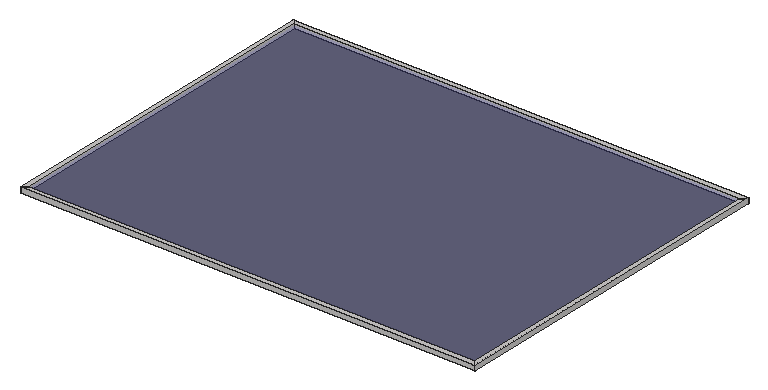
Revit family
Parameters (values of type "48Wx36H")
  offset [instance] = 0' - 0"
  Warranty Duration (Years) = 0
  Unit Width = 4' - 0"
  Unit Height = 3' - 0"
  Unit Depth = 0' - 0 1/2"
  URL = "http://www.bobrick.com/Pages/default.aspx"
  Specification = ""
  SpecWizard = ""
  Send Message = "http://www.arcat.com/users.pl?action=UserEmail&company=Bobrick+Washroom+Equipment,+Inc.&coid=30988&rep=156&fax=818-503-1930&mf="
  Sales Information = "http://www.bobrick.com/Pages/ContactUs.aspx"
  Revision = "R1_10-2012"
  Product Properties = ""
  Product Data = "http://arcat.com/arcatcos/cos30/arc30988.html?isac=1&r=1"
  Model = "B-165 4836"
  Mirror Background = Paint - Bobrick - Black
  Manufacturer Website = "http://www.bobrick.com/Pages/default.aspx"
  Manufacturer Phone - Toll Free = ""
  Manufacturer Phone = "818-764-1000"
  Manufacturer Fax = "818-503-1930"
  Manufacturer Address = "11611 Hart St. North Hollywood, CA 91605-5882"
  Manufacturer = "Bobrick Washroom Equipment, Inc."
  Maintenance Schedule (Months) = 0
  Keynote = "102813"
  Installation-Fabrication = "http://www.bobrick.com/washroomaccessories/Pages/WashroomAccessories.aspx"
  Installation Phase = ""
  Green Building-LEED = ""
  Glass Material = Glass Mirror - Bobrick
  Frame Material = Stainless Steel - Bobrick - Satin
  Expected Lifespan (Years) = 0
  Drawn By = "Sumex Design, Inc. / Robert S. Weygant, CSI, CDT, SCIP"
  Description = "Bobrick B-165 4836 Channel Frame Mirror"
  Default Elevation = 4' - 0"
  Copyright = "©Arcat Inc."
  Construction Details = ""
  Assembly Code = "E1090900"
Types (8): name | Unit Width | Unit Height | Model | Description
  48Wx36H | 4' - 0" | 3' - 0" | "B-165 4836" | "Bobrick B-165 4836 Channel Frame Mirror"
  24Wx60H | 2' - 0" | 5' - 0" | "B-165 2460" | "Bobrick B-165 2460 Channel Frame Mirror"
  24Wx48H | 2' - 0" | 4' - 0" | "B-165 2448" | "Bobrick B-165 2448 Channel Frame Mirror"
  24Wx36H | 2' - 0" | 3' - 0" | "B-165 2436" | "Bobrick B-165 2436 Channel Frame Mirror"
  24Wx30H | 2' - 0" | 2' - 6" | "B-165 2430" | "Bobrick B-165 2430 Channel Frame Mirror"
  18Wx36H | 1' - 6" | 3' - 0" | "B-165 1836" | "Bobrick B-165 1836 Channel Frame Mirror"
  18Wx30H | 1' - 6" | 2' - 6" | "B-165 1830" | "Bobrick B-165 1830 Channel Frame Mirror"
  18Wx24H | 1' - 6" | 2' - 0" | "B-165 1824" | "Bobrick B-165 1824 Channel Frame Mirror"
Reference planes (in)
  plane 1 "Center (Front/Back)": y = 0
  plane 2 "Bottom": z = 0
  plane 3 "Center (Left/Right)": x = 0
  plane 4 "Front": y = -18
  plane 5 "Back": y = 18
  plane 6 "Left": x = -24
  plane 7 "Right": x = 24
  plane 8 "Top": z = 0.5
Forms (in)
  Extrusion 1, solid, material "Stainless Steel - Bobrick - Satin" <- "Frame Material"
    sketch origin (0, 0, 0) x (1, 0, 0) y (0, 1, 0)
      loop
        line (-24, -18) -> (24, -18) -> (23.5, -17.5) -> (-23.5, -17.5) -> (-24, -18)
      loop
        line (-24, 18) -> (-23.5, 17.5) -> (23.5, 17.5) -> (24, 18) -> (-24, 18)
    from 0 to 0.5
  Extrusion 2, solid, material "Stainless Steel - Bobrick - Satin" <- "Frame Material"
    sketch origin (0, 0, 0) x (1, 0, 0) y (0, 1, 0)
      loop
        line (-24, 18) -> (-24, -18) -> (-23.5, -17.5) -> (-23.5, 17.5) -> (-24, 18)
      loop
        line (24, 18) -> (23.5, 17.5) -> (23.5, -17.5) -> (24, -18) -> (24, 18)
    from 0 to 0.5
  Extrusion 3, solid, material "Paint - Bobrick - Black" <- "Mirror Background"
    sketch origin (0, 0, 0) x (1, 0, 0) y (0, 1, 0)
      loop
        line (-23.5, 17.5) -> (-23.5, -17.5) -> (23.5, -17.5) -> (23.5, 17.5) -> (-23.5, 17.5)
    from 0 to 0.125
  Extrusion 4, solid, material "Glass Mirror - Bobrick" <- "Glass Material"
    sketch origin (0, 0, 0) x (1, 0, 0) y (0, 1, 0)
      loop
        line (-23.8125, 17.8125) -> (-23.8125, -17.8125) -> (23.8125, -17.8125) -> (23.8125, 17.8125) -> (-23.8125, 17.8125)
    from 0.125 to 0.375
Dimensions and locks (in)
  equal spacing: plane 6 "Left", plane 3 "Center (Left/Right)", plane 7 "Right"
  "Unit Width": plane 6 "Left" to plane 7 "Right"
  equal spacing: plane 5 "Back", plane 1 "Center (Front/Back)", plane 4 "Front"
  "Unit Height": plane 5 "Back" to plane 4 "Front"
  "Unit Depth": plane 8 "Top" to level
  locked: Extrusion 3 to plane 2 "Bottom" at 0.125
  locked: Extrusion 4 sketch curve to plane 7 "Right" at 0.1875
  locked: plane 6 "Left" to Extrusion 4 sketch curve at 0.1875
  locked: Extrusion 4 sketch curve to plane 4 "Front" at 0.1875
  locked: plane 5 "Back" to Extrusion 4 sketch curve at 0.1875
  locked: Extrusion 4 to plane 2 "Bottom" at 0.375
  aligned and locked: Extrusion 1 sketch curve to plane 4 "Front"
  aligned and locked: Extrusion 1 sketch curve to plane 6 "Left"
  aligned and locked: Extrusion 1 sketch curve to plane 7 "Right"
  aligned and locked: plane 8 "Top" to Extrusion 1
  aligned and locked: Extrusion 2 sketch curve to plane 6 "Left"
  aligned and locked: plane 5 "Back" to Extrusion 2 sketch curve
  aligned and locked: plane 4 "Front" to Extrusion 2 sketch curve
  aligned and locked: plane 8 "Top" to Extrusion 2
  aligned and locked: Extrusion 2 to Extrusion 3 sketch curve
  aligned and locked: Extrusion 3 sketch curve to Extrusion 1  (x3)
  aligned and locked: Extrusion 4 to Extrusion 3
Automatic sketch dimensions
  Extrusion 1 sketch curve to plane 5 "Back" = 0' - 0"
  Extrusion 1 sketch curve to plane 6 "Left" = 0' - 0"
  Extrusion 1 sketch curve to plane 7 "Right" = 0' - 0"
  plane 6 "Left" to Extrusion 1 sketch curve = 0' - 0 1/2"  (x2)
  Extrusion 1 sketch curve to plane 7 "Right" = 0' - 0 1/2"  (x2)
  plane 4 "Front" to Extrusion 1 sketch curve = 0' - 0 1/2"  (x2)
  Extrusion 1 sketch curve to plane 5 "Back" = 0' - 0 1/2"  (x2)
  Extrusion 2 sketch curve to plane 5 "Back" = 0' - 0"
  Extrusion 2 sketch curve to plane 7 "Right" = 0' - 0"
  Extrusion 2 sketch curve to plane 4 "Front" = 0' - 0"
  plane 6 "Left" to Extrusion 2 sketch curve = 0' - 0 1/2"
  Extrusion 2 sketch curve to plane 7 "Right" = 0' - 0 1/2"
  plane 4 "Front" to Extrusion 2 sketch curve = 0' - 0 1/2"  (x2)
  Extrusion 2 sketch curve to plane 5 "Back" = 0' - 0 1/2"  (x2)
